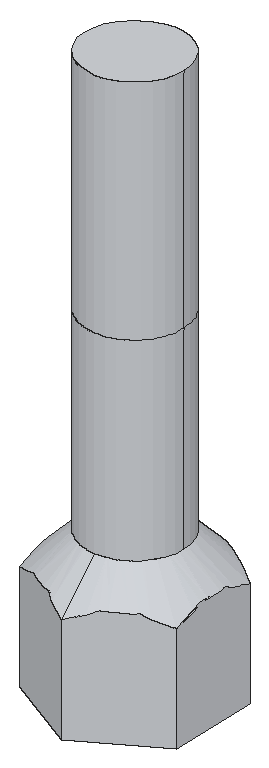
Revit family "RRHDWSHEXBOLT", category Generic Models, Revit 2018
Family settings
  Can host rebar = No
  Round Connector Dimension = Use Diameter
  Part Type = Normal
  Work Plane-Based = Yes
  Always vertical = No
  Cut with Voids When Loaded = No
  Shared = Yes
  Room Calculation Point = No
Parameters
  Ship Complete Level [instance] = ""
  Required Date [instance] = ""
  Patent Information = "10495237, 10,697,562, 10,844,978, 11,262,000"
  Job [instance] = ""
  Group/Run [instance] = ""
  Description = "Bolt Beveled 304 3/8-16 X 2 1/8 Inch w/ 11/16 inch Hex Head for Sanitary Clamps"
  Default Elevation = 48.000"
  Custom [instance] = ""
  Catalog Number = "RRHDWSHEXBOLT"
  Bolt Material = none
  Assembly Name [instance] = ""
  Assembly ID [instance] = ""
Reference planes (in)
  plane 1 "Center (Front/Back)": y = 0
  plane 2: z = 0
  plane 3 "Center (Left/Right)": x = 0
  plane 4: x = 0.3125
  plane 5: x = -0.3125
  plane 6: y = 0.34375
  plane 7 "thread end": z = 2.188
  plane 8 "thread start": z = 1.313
  plane 9 "shoulder start": z = 0.563
Forms (in)
  Extrusion 1, solid, material <- "Bolt Material"
    sketch origin (0, 0, 0) x (1, 0, 0) y (0, 1, 0)
      loop
        line (0, 0.34375) -> (-0.2977, 0.17187) -> (-0.2977, -0.17188) -> (0, -0.34375) -> (0.2977, -0.17188) -> (0.2977, 0.17187) -> (0, 0.34375)
    from 0 to 0.563
  Revolve 2, void
    sketch origin (0, 0, 0) x (0, 1, 0) y (0, 0, 1)
      loop
        line (-0.1875, 0.563) -> (-0.34375, 0.563) -> (-0.34375, 0.40675) -> (-0.1875, 0.563)
      axis (0, 0.563) -> (0, 0.40675)
    angle from 0 to 360
  Extrusion 3, solid, material <- "Bolt Material"
    sketch origin (0, 0, 0) x (1, 0, 0) y (0, 1, 0)
      loop
        circle (0, 0) r 0.1875
    from 0.563 to 1.313
  Extrusion 4, solid, material <- "Bolt Material"
    sketch origin (0, 0, 0) x (1, 0, 0) y (0, 1, 0)
      loop
        circle (0, 0) r 0.1875
    from 1.313 to 2.188
Cuts and joins
  Revolve 2 cuts Extrusion 1
  joined: Extrusion 1, Extrusion 3
Dimensions and locks (in)
  aligned and locked: plane 2 to level
